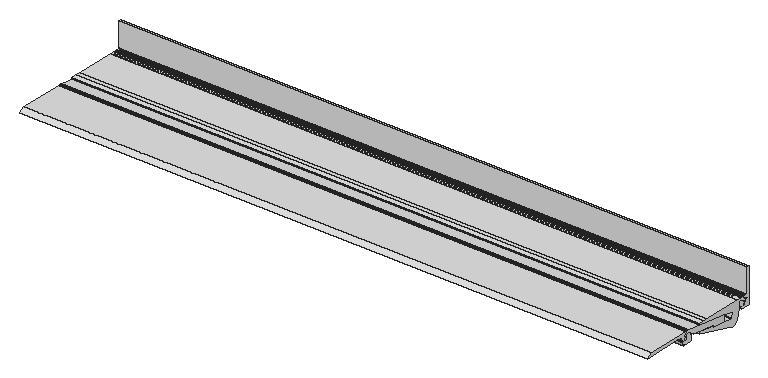
Revit family "Construction-Floors-Conecto-Aluminium Joints ALU AL.130.21", category Specialty Equipment, Revit 2015 (continued)
Definition of nested family "Standard"
  Forms (mm)
    Extrusion 30, solid, material <- "Material", visible <- "30"
      sketch origin (0, -265.421, -730.469) x (0, -1, 0) y (0, 0, -1)
        loop
          line (-323.363, -660.485) -> (-323.363, -659.059) -> (-325.327, -657.095) -> (-325.659, -658.006) -> (-326.712, -658.497) -> (-327.818, -657.859) -> (-328.303, -656.819) -> (-328.238, -655.889) -> (-327.615, -655.266) -> (-326.207, -655.266) -> (-326.305, -654.468) -> (-326.488, -653.531) -> (-326.595, -652.511) -> (-326.323, -650.323) -> (-325.732, -648.737) -> (-325.142, -648.207) -> (-321.736, -648.207) -> (-321.145, -648.739) -> (-321.145, -649.621) -> (-321.612, -650.265) -> (-322.168, -651.228) -> (-322.301, -652.062) -> (-322.369, -652.847) -> (-322.18, -653.737) -> (-321.594, -654.839) -> (-321.054, -655.46) -> (-320.32, -655.955) -> (-319.589, -656.265) -> (-318.782, -656.422) -> (-317.949, -656.451) -> (-317.169, -656.286) -> (-316.437, -656.005) -> (-315.523, -655.364) -> (-314.804, -654.214) -> (-314.404, -653.116) -> (-314.404, -645.504) -> (-314.404, -630.498) -> (-386.11, -630.498) -> (-387.647, -630.66) -> (-388.396, -631.009) -> (-388.396, -633.484) -> (-386.616, -634.512) -> (-384.762, -635.114) -> (-330.156, -635.114) -> (-326.885, -636.64) -> (-326.081, -636.64) -> (-325.456, -636.168) -> (-324.548, -635.706) -> (-323.315, -635.554) -> (-322.134, -635.699) -> (-321.004, -636.275) -> (-320.065, -637.215) -> (-319.349, -638.821) -> (-319.349, -640.438) -> (-319.805, -641.512) -> (-320.459, -642.446) -> (-321.385, -643.144) -> (-323.471, -643.587) -> (-325.99, -642.518) -> (-327.144, -642.375) -> (-330.587, -650.485) -> (-330.587, -660.485) -> (-323.363, -660.485)
      from 0 to 1000
  Dimensions and locks
    "Length": plane 3 "Center (Left/Right)" to plane 4
    equal spacing: plane 6, plane 1 "Center (Front/Back)", plane 5
    "Space": plane 6 to plane 5
    aligned and locked: level to plane 2
    aligned and locked: Extrusion 27 to plane 4
    aligned and locked: Extrusion 28 to plane 4
    aligned and locked: Extrusion 29 to plane 4
    aligned and locked: Extrusion 30 to plane 4
    aligned and locked: Extrusion 26 to plane 4
    aligned and locked: Extrusion 25 to plane 4
    aligned and locked: Extrusion 24 to plane 4
    aligned and locked: Extrusion 23 to plane 4
    aligned and locked: Extrusion 22 to plane 4
    aligned and locked: Extrusion 21 to plane 4
    aligned and locked: Extrusion 17 to plane 4
    aligned and locked: Extrusion 18 to plane 4
    aligned and locked: Extrusion 19 to plane 4
    aligned and locked: Extrusion 20 to plane 4
    aligned and locked: Extrusion 16 to plane 4
    aligned and locked: Extrusion 15 to plane 4
    aligned and locked: Extrusion 14 to plane 4
    aligned and locked: Extrusion 13 to plane 4
    aligned and locked: Extrusion 12 to plane 4
    aligned and locked: Extrusion 11 to plane 4
    aligned and locked: Extrusion 10 to plane 4
    aligned and locked: Extrusion 9 to plane 4
    aligned and locked: Extrusion 8 to plane 4
    aligned and locked: Extrusion 7 to plane 4
    aligned and locked: Extrusion 6 to plane 4
    aligned and locked: Extrusion 5 to plane 4
    aligned and locked: Extrusion 4 to plane 4
    aligned and locked: Extrusion 3 to plane 4
    aligned and locked: Extrusion 2 to plane 4
    aligned and locked: Extrusion 1 to plane 4
  Automatic sketch dimensions
    Extrusion 1 sketch curve to plane 6 = 0.018 mm
    Extrusion 1 sketch curve to plane 6 = 0.079 mm
    Extrusion 1 sketch curve to plane 6 = 0.145 mm
    Extrusion 1 sketch curve to plane 6 = 0.316 mm
    Extrusion 1 sketch curve to plane 6 = 0.483 mm
    Extrusion 1 sketch curve to plane 6 = 0.781 mm
    Extrusion 1 sketch curve to Extrusion 1 sketch curve = 0.503 mm
    Extrusion 1 sketch curve to Extrusion 1 sketch curve = 0.54 mm
    Extrusion 1 sketch curve to Extrusion 1 sketch curve = 0.665 mm  (x2)
    Extrusion 1 sketch curve to Extrusion 1 sketch curve = 0.708 mm
    Extrusion 1 sketch curve to Extrusion 1 sketch curve = 0.781 mm
    Extrusion 1 sketch curve to Extrusion 1 sketch curve = 0.844 mm
    Extrusion 1 sketch curve to Extrusion 1 sketch curve = 0.841 mm
    Extrusion 1 sketch curve to plane 6 = 5.776 mm
    Extrusion 1 sketch curve to Extrusion 1 sketch curve = 0.732 mm
    Extrusion 1 sketch curve to Extrusion 1 sketch curve = 0.654 mm
    Extrusion 1 sketch curve to Extrusion 1 sketch curve = 0.943 mm
    Extrusion 1 sketch curve to Extrusion 1 sketch curve = 0.22 mm
    Extrusion 1 sketch curve to Extrusion 1 sketch curve = 0.571 mm  (x2)
    Extrusion 1 sketch curve to Extrusion 1 sketch curve = 0.486 mm
    Extrusion 1 sketch curve to Extrusion 1 sketch curve = 0.771 mm
    Extrusion 1 sketch curve to Extrusion 1 sketch curve = 0.457 mm
    Extrusion 1 sketch curve to Extrusion 1 sketch curve = 0.352 mm
    Extrusion 1 sketch curve to Extrusion 1 sketch curve = 0.338 mm
    Extrusion 1 sketch curve to Extrusion 1 sketch curve = 0.188 mm
    Extrusion 1 sketch curve to Extrusion 1 sketch curve = 2.478 mm
    Extrusion 1 sketch curve to Extrusion 1 sketch curve = 0.077 mm
    Extrusion 1 sketch curve to Extrusion 1 sketch curve = 0.814 mm  (x2)
    Extrusion 1 sketch curve to Extrusion 1 sketch curve = 3.227 mm
    Extrusion 1 sketch curve to Extrusion 1 sketch curve = 1.773 mm
    Extrusion 1 sketch curve to Extrusion 1 sketch curve = 0.527 mm
    Extrusion 1 sketch curve to Extrusion 1 sketch curve = 0.616 mm
    Extrusion 1 sketch curve to Extrusion 1 sketch curve = 0.46 mm
    Extrusion 1 sketch curve to Extrusion 1 sketch curve = 1.069 mm
    Extrusion 1 sketch curve to Extrusion 1 sketch curve = 0.239 mm
    Extrusion 1 sketch curve to Extrusion 1 sketch curve = 0.299 mm
    Extrusion 1 sketch curve to Extrusion 1 sketch curve = 0.14 mm
    Extrusion 1 sketch curve to Extrusion 1 sketch curve = 0.051 mm
    Extrusion 1 sketch curve to Extrusion 1 sketch curve = 0.96 mm
    Extrusion 1 sketch curve to Extrusion 1 sketch curve = 0.932 mm
    Extrusion 1 sketch curve to Extrusion 1 sketch curve = 0.703 mm
    Extrusion 1 sketch curve to Extrusion 1 sketch curve = 0.807 mm
    Extrusion 1 sketch curve to Extrusion 1 sketch curve = 0.86 mm
    Extrusion 1 sketch curve to Extrusion 1 sketch curve = 0.342 mm
    Extrusion 1 sketch curve to plane 6 = 14.701 mm
    Extrusion 1 sketch curve to Extrusion 1 sketch curve = 6.486 mm
    Extrusion 1 sketch curve to Extrusion 1 sketch curve = 0.821 mm
    Extrusion 1 sketch curve to Extrusion 1 sketch curve = 0.721 mm
    Extrusion 1 sketch curve to Extrusion 1 sketch curve = 0.719 mm
    Extrusion 1 sketch curve to Extrusion 1 sketch curve = 0.829 mm
    Extrusion 1 sketch curve to Extrusion 1 sketch curve = 0.796 mm  (x2)
    Extrusion 1 sketch curve to Extrusion 1 sketch curve = 0.905 mm
    Extrusion 1 sketch curve to Extrusion 1 sketch curve = 0.964 mm
    Extrusion 1 sketch curve to Extrusion 1 sketch curve = 1.013 mm
    Extrusion 1 sketch curve to Extrusion 1 sketch curve = 0.867 mm
    Extrusion 1 sketch curve to Extrusion 1 sketch curve = 1.08 mm
    Extrusion 1 sketch curve to Extrusion 1 sketch curve = 0.826 mm
    Extrusion 1 sketch curve to Extrusion 1 sketch curve = 1.041 mm
    Extrusion 1 sketch curve to Extrusion 1 sketch curve = 0.869 mm
    Extrusion 1 sketch curve to Extrusion 1 sketch curve = 0.805 mm
    Extrusion 1 sketch curve to Extrusion 1 sketch curve = 0.791 mm
    Extrusion 1 sketch curve to Extrusion 1 sketch curve = 0.661 mm
    Extrusion 1 sketch curve to Extrusion 1 sketch curve = 0.6 mm
    Extrusion 1 sketch curve to Extrusion 1 sketch curve = 0.376 mm
    Extrusion 1 sketch curve to Extrusion 1 sketch curve = 0.465 mm
    Extrusion 1 sketch curve to Extrusion 1 sketch curve = 0.458 mm
    Extrusion 1 sketch curve to Extrusion 1 sketch curve = 0.345 mm
    Extrusion 1 sketch curve to Extrusion 1 sketch curve = 0.296 mm  (x2)
    Extrusion 1 sketch curve to Extrusion 1 sketch curve = 0.89 mm
    Extrusion 1 sketch curve to Extrusion 1 sketch curve = 0.179 mm
    Extrusion 1 sketch curve to Extrusion 1 sketch curve = 1.918 mm
    Extrusion 1 sketch curve to Extrusion 1 sketch curve = 1.017 mm
    Extrusion 1 sketch curve to Extrusion 1 sketch curve = 0.726 mm
    Extrusion 1 sketch curve to Extrusion 1 sketch curve = 0.9 mm
    Extrusion 1 sketch curve to Extrusion 1 sketch curve = 0.52 mm
    Extrusion 1 sketch curve to Extrusion 1 sketch curve = 1.176 mm
    Extrusion 1 sketch curve to Extrusion 1 sketch curve = 1.103 mm
    Extrusion 1 sketch curve to Extrusion 1 sketch curve = 0.335 mm
    Extrusion 1 sketch curve to Extrusion 1 sketch curve = 38.619 mm
    Extrusion 2 sketch curve to plane 6 = 0.015 mm
    Extrusion 2 sketch curve to plane 6 = 0.076 mm
    Extrusion 2 sketch curve to plane 6 = 0.142 mm
    Extrusion 2 sketch curve to plane 6 = 0.312 mm
    Extrusion 2 sketch curve to plane 6 = 0.48 mm
    Extrusion 2 sketch curve to plane 6 = 0.777 mm
    Extrusion 2 sketch curve to Extrusion 2 sketch curve = 0.503 mm
    Extrusion 2 sketch curve to Extrusion 2 sketch curve = 0.54 mm
    Extrusion 2 sketch curve to Extrusion 2 sketch curve = 0.665 mm  (x2)
    Extrusion 2 sketch curve to Extrusion 2 sketch curve = 0.708 mm
    Extrusion 2 sketch curve to Extrusion 2 sketch curve = 0.781 mm
    Extrusion 2 sketch curve to Extrusion 2 sketch curve = 0.844 mm
    Extrusion 2 sketch curve to Extrusion 2 sketch curve = 0.841 mm
    Extrusion 2 sketch curve to plane 6 = 5.772 mm
    Extrusion 2 sketch curve to Extrusion 2 sketch curve = 0.732 mm
    Extrusion 2 sketch curve to Extrusion 2 sketch curve = 0.654 mm
    Extrusion 2 sketch curve to Extrusion 2 sketch curve = 0.943 mm
    Extrusion 2 sketch curve to Extrusion 2 sketch curve = 0.22 mm
    Extrusion 2 sketch curve to Extrusion 2 sketch curve = 0.571 mm  (x2)
    Extrusion 2 sketch curve to Extrusion 2 sketch curve = 0.486 mm
    Extrusion 2 sketch curve to Extrusion 2 sketch curve = 0.771 mm
    Extrusion 2 sketch curve to Extrusion 2 sketch curve = 0.457 mm
    Extrusion 2 sketch curve to Extrusion 2 sketch curve = 0.352 mm
    Extrusion 2 sketch curve to Extrusion 2 sketch curve = 0.338 mm
    Extrusion 2 sketch curve to Extrusion 2 sketch curve = 0.188 mm
    Extrusion 2 sketch curve to Extrusion 2 sketch curve = 2.478 mm
    Extrusion 2 sketch curve to Extrusion 2 sketch curve = 0.077 mm
    Extrusion 2 sketch curve to Extrusion 2 sketch curve = 0.814 mm  (x2)
    Extrusion 2 sketch curve to Extrusion 2 sketch curve = 3.227 mm
    Extrusion 2 sketch curve to Extrusion 2 sketch curve = 1.773 mm
    Extrusion 2 sketch curve to Extrusion 2 sketch curve = 0.527 mm
    Extrusion 2 sketch curve to Extrusion 2 sketch curve = 0.616 mm
    Extrusion 2 sketch curve to Extrusion 2 sketch curve = 0.46 mm
    Extrusion 2 sketch curve to Extrusion 2 sketch curve = 1.069 mm
    Extrusion 2 sketch curve to Extrusion 2 sketch curve = 0.239 mm
    Extrusion 2 sketch curve to Extrusion 2 sketch curve = 0.299 mm
    Extrusion 2 sketch curve to Extrusion 2 sketch curve = 0.14 mm
    Extrusion 2 sketch curve to Extrusion 2 sketch curve = 0.051 mm
    Extrusion 2 sketch curve to Extrusion 2 sketch curve = 0.96 mm
    Extrusion 2 sketch curve to Extrusion 2 sketch curve = 0.932 mm
    Extrusion 2 sketch curve to Extrusion 2 sketch curve = 0.703 mm
    Extrusion 2 sketch curve to Extrusion 2 sketch curve = 0.807 mm
    Extrusion 2 sketch curve to Extrusion 2 sketch curve = 0.86 mm
    Extrusion 2 sketch curve to Extrusion 2 sketch curve = 0.342 mm
    Extrusion 2 sketch curve to plane 6 = 14.698 mm
    Extrusion 2 sketch curve to Extrusion 2 sketch curve = 6.486 mm
    Extrusion 2 sketch curve to Extrusion 2 sketch curve = 0.821 mm
    Extrusion 2 sketch curve to Extrusion 2 sketch curve = 0.721 mm
    Extrusion 2 sketch curve to Extrusion 2 sketch curve = 0.719 mm
    Extrusion 2 sketch curve to Extrusion 2 sketch curve = 0.829 mm
    Extrusion 2 sketch curve to Extrusion 2 sketch curve = 0.796 mm  (x2)
    Extrusion 2 sketch curve to Extrusion 2 sketch curve = 0.905 mm
    Extrusion 2 sketch curve to Extrusion 2 sketch curve = 0.964 mm
    Extrusion 2 sketch curve to Extrusion 2 sketch curve = 1.013 mm
    Extrusion 2 sketch curve to Extrusion 2 sketch curve = 0.867 mm
    Extrusion 2 sketch curve to Extrusion 2 sketch curve = 1.08 mm
    Extrusion 2 sketch curve to Extrusion 2 sketch curve = 0.826 mm
    Extrusion 2 sketch curve to Extrusion 2 sketch curve = 1.041 mm
    Extrusion 2 sketch curve to Extrusion 2 sketch curve = 0.869 mm
    Extrusion 2 sketch curve to Extrusion 2 sketch curve = 0.805 mm
    Extrusion 2 sketch curve to Extrusion 2 sketch curve = 0.791 mm
    Extrusion 2 sketch curve to Extrusion 2 sketch curve = 0.661 mm
    Extrusion 2 sketch curve to Extrusion 2 sketch curve = 0.6 mm
    Extrusion 2 sketch curve to Extrusion 2 sketch curve = 0.376 mm
    Extrusion 2 sketch curve to Extrusion 2 sketch curve = 0.465 mm
    Extrusion 2 sketch curve to Extrusion 2 sketch curve = 0.458 mm
    Extrusion 2 sketch curve to Extrusion 2 sketch curve = 0.345 mm
    Extrusion 2 sketch curve to Extrusion 2 sketch curve = 0.296 mm  (x2)
    Extrusion 2 sketch curve to Extrusion 2 sketch curve = 0.89 mm
    Extrusion 2 sketch curve to Extrusion 2 sketch curve = 0.179 mm
    Extrusion 2 sketch curve to Extrusion 2 sketch curve = 1.918 mm
    Extrusion 2 sketch curve to Extrusion 2 sketch curve = 1.017 mm
    Extrusion 2 sketch curve to Extrusion 2 sketch curve = 0.726 mm
    Extrusion 2 sketch curve to Extrusion 2 sketch curve = 0.9 mm
    Extrusion 2 sketch curve to Extrusion 2 sketch curve = 0.52 mm
    Extrusion 2 sketch curve to Extrusion 2 sketch curve = 1.176 mm
    Extrusion 2 sketch curve to Extrusion 2 sketch curve = 1.103 mm
    Extrusion 2 sketch curve to Extrusion 2 sketch curve = 0.335 mm
    Extrusion 2 sketch curve to Extrusion 2 sketch curve = 38.619 mm
    Extrusion 3 sketch curve to plane 6 = 0.016 mm
    Extrusion 3 sketch curve to plane 6 = 0.077 mm
    Extrusion 3 sketch curve to plane 6 = 0.144 mm
    Extrusion 3 sketch curve to plane 6 = 0.314 mm
    Extrusion 3 sketch curve to plane 6 = 0.481 mm
    Extrusion 3 sketch curve to plane 6 = 0.779 mm
    Extrusion 3 sketch curve to Extrusion 3 sketch curve = 0.503 mm
    Extrusion 3 sketch curve to Extrusion 3 sketch curve = 0.54 mm
    Extrusion 3 sketch curve to Extrusion 3 sketch curve = 0.665 mm  (x2)
    Extrusion 3 sketch curve to Extrusion 3 sketch curve = 0.708 mm
    Extrusion 3 sketch curve to Extrusion 3 sketch curve = 0.781 mm
    Extrusion 3 sketch curve to Extrusion 3 sketch curve = 0.844 mm
    Extrusion 3 sketch curve to Extrusion 3 sketch curve = 0.841 mm
    Extrusion 3 sketch curve to plane 6 = 5.774 mm
    Extrusion 3 sketch curve to Extrusion 3 sketch curve = 0.732 mm
    Extrusion 3 sketch curve to Extrusion 3 sketch curve = 0.654 mm
    Extrusion 3 sketch curve to Extrusion 3 sketch curve = 0.943 mm
    Extrusion 3 sketch curve to Extrusion 3 sketch curve = 0.22 mm
    Extrusion 3 sketch curve to Extrusion 3 sketch curve = 0.571 mm  (x2)
    Extrusion 3 sketch curve to Extrusion 3 sketch curve = 0.486 mm
    Extrusion 3 sketch curve to Extrusion 3 sketch curve = 0.771 mm
    Extrusion 3 sketch curve to Extrusion 3 sketch curve = 0.457 mm
    Extrusion 3 sketch curve to Extrusion 3 sketch curve = 0.352 mm
    Extrusion 3 sketch curve to Extrusion 3 sketch curve = 0.338 mm
    Extrusion 3 sketch curve to Extrusion 3 sketch curve = 0.188 mm
    Extrusion 3 sketch curve to Extrusion 3 sketch curve = 2.478 mm
    Extrusion 3 sketch curve to Extrusion 3 sketch curve = 0.077 mm
    Extrusion 3 sketch curve to Extrusion 3 sketch curve = 0.814 mm  (x2)
    Extrusion 3 sketch curve to Extrusion 3 sketch curve = 3.227 mm
    Extrusion 3 sketch curve to Extrusion 3 sketch curve = 1.773 mm
    Extrusion 3 sketch curve to Extrusion 3 sketch curve = 0.527 mm
    Extrusion 3 sketch curve to Extrusion 3 sketch curve = 0.616 mm
    Extrusion 3 sketch curve to Extrusion 3 sketch curve = 0.46 mm
    Extrusion 3 sketch curve to Extrusion 3 sketch curve = 1.069 mm
    Extrusion 3 sketch curve to Extrusion 3 sketch curve = 0.239 mm
    Extrusion 3 sketch curve to Extrusion 3 sketch curve = 0.299 mm
    Extrusion 3 sketch curve to Extrusion 3 sketch curve = 0.14 mm
    Extrusion 3 sketch curve to Extrusion 3 sketch curve = 0.051 mm
    Extrusion 3 sketch curve to Extrusion 3 sketch curve = 0.96 mm
    Extrusion 3 sketch curve to Extrusion 3 sketch curve = 0.932 mm
    Extrusion 3 sketch curve to Extrusion 3 sketch curve = 0.703 mm
    Extrusion 3 sketch curve to Extrusion 3 sketch curve = 0.807 mm
    Extrusion 3 sketch curve to Extrusion 3 sketch curve = 0.86 mm
    Extrusion 3 sketch curve to Extrusion 3 sketch curve = 0.342 mm
    Extrusion 3 sketch curve to plane 6 = 14.699 mm
    Extrusion 3 sketch curve to Extrusion 3 sketch curve = 6.486 mm
    Extrusion 3 sketch curve to Extrusion 3 sketch curve = 0.821 mm
    Extrusion 3 sketch curve to Extrusion 3 sketch curve = 0.721 mm
    Extrusion 3 sketch curve to Extrusion 3 sketch curve = 0.719 mm
    Extrusion 3 sketch curve to Extrusion 3 sketch curve = 0.829 mm
    Extrusion 3 sketch curve to Extrusion 3 sketch curve = 0.796 mm  (x2)
    Extrusion 3 sketch curve to Extrusion 3 sketch curve = 0.905 mm
    Extrusion 3 sketch curve to Extrusion 3 sketch curve = 0.964 mm
    Extrusion 3 sketch curve to Extrusion 3 sketch curve = 1.013 mm
    Extrusion 3 sketch curve to Extrusion 3 sketch curve = 0.867 mm
    Extrusion 3 sketch curve to Extrusion 3 sketch curve = 1.08 mm
    Extrusion 3 sketch curve to Extrusion 3 sketch curve = 0.826 mm
    Extrusion 3 sketch curve to Extrusion 3 sketch curve = 1.041 mm
    Extrusion 3 sketch curve to Extrusion 3 sketch curve = 0.869 mm
    Extrusion 3 sketch curve to Extrusion 3 sketch curve = 0.805 mm
    Extrusion 3 sketch curve to Extrusion 3 sketch curve = 0.791 mm
    Extrusion 3 sketch curve to Extrusion 3 sketch curve = 0.661 mm
    Extrusion 3 sketch curve to Extrusion 3 sketch curve = 0.6 mm
    Extrusion 3 sketch curve to Extrusion 3 sketch curve = 0.376 mm
    Extrusion 3 sketch curve to Extrusion 3 sketch curve = 0.465 mm
    Extrusion 3 sketch curve to Extrusion 3 sketch curve = 0.458 mm
    Extrusion 3 sketch curve to Extrusion 3 sketch curve = 0.345 mm
    Extrusion 3 sketch curve to Extrusion 3 sketch curve = 0.296 mm  (x2)
    Extrusion 3 sketch curve to Extrusion 3 sketch curve = 0.89 mm
    Extrusion 3 sketch curve to Extrusion 3 sketch curve = 0.179 mm
    Extrusion 3 sketch curve to Extrusion 3 sketch curve = 1.918 mm
    Extrusion 3 sketch curve to Extrusion 3 sketch curve = 1.017 mm
    Extrusion 3 sketch curve to Extrusion 3 sketch curve = 0.726 mm
    Extrusion 3 sketch curve to Extrusion 3 sketch curve = 0.9 mm
    Extrusion 3 sketch curve to Extrusion 3 sketch curve = 0.52 mm
    Extrusion 3 sketch curve to Extrusion 3 sketch curve = 1.176 mm
    Extrusion 3 sketch curve to Extrusion 3 sketch curve = 1.103 mm
    Extrusion 3 sketch curve to Extrusion 3 sketch curve = 0.335 mm
    Extrusion 3 sketch curve to Extrusion 3 sketch curve = 38.619 mm
    Extrusion 4 sketch curve to plane 6 = 0.017 mm
    Extrusion 4 sketch curve to plane 6 = 0.078 mm
    Extrusion 4 sketch curve to plane 6 = 0.144 mm
    Extrusion 4 sketch curve to plane 6 = 0.315 mm
    Extrusion 4 sketch curve to plane 6 = 0.482 mm
    Extrusion 4 sketch curve to plane 6 = 0.78 mm
    Extrusion 4 sketch curve to Extrusion 4 sketch curve = 0.503 mm
    Extrusion 4 sketch curve to Extrusion 4 sketch curve = 0.54 mm
    Extrusion 4 sketch curve to Extrusion 4 sketch curve = 0.665 mm  (x2)
    Extrusion 4 sketch curve to Extrusion 4 sketch curve = 0.708 mm
    Extrusion 4 sketch curve to Extrusion 4 sketch curve = 0.781 mm
    Extrusion 4 sketch curve to Extrusion 4 sketch curve = 0.844 mm
    Extrusion 4 sketch curve to Extrusion 4 sketch curve = 0.841 mm
    Extrusion 4 sketch curve to plane 6 = 5.775 mm
    Extrusion 4 sketch curve to Extrusion 4 sketch curve = 0.732 mm
    Extrusion 4 sketch curve to Extrusion 4 sketch curve = 0.654 mm
    Extrusion 4 sketch curve to Extrusion 4 sketch curve = 0.943 mm
    Extrusion 4 sketch curve to Extrusion 4 sketch curve = 0.22 mm
    Extrusion 4 sketch curve to Extrusion 4 sketch curve = 0.571 mm  (x2)
    Extrusion 4 sketch curve to Extrusion 4 sketch curve = 0.486 mm
    Extrusion 4 sketch curve to Extrusion 4 sketch curve = 0.771 mm
    Extrusion 4 sketch curve to Extrusion 4 sketch curve = 0.457 mm
    Extrusion 4 sketch curve to Extrusion 4 sketch curve = 0.352 mm
    Extrusion 4 sketch curve to Extrusion 4 sketch curve = 0.338 mm
    Extrusion 4 sketch curve to Extrusion 4 sketch curve = 0.188 mm
    Extrusion 4 sketch curve to Extrusion 4 sketch curve = 2.478 mm
    Extrusion 4 sketch curve to Extrusion 4 sketch curve = 0.077 mm
    Extrusion 4 sketch curve to Extrusion 4 sketch curve = 0.814 mm  (x2)
    Extrusion 4 sketch curve to Extrusion 4 sketch curve = 3.227 mm
    Extrusion 4 sketch curve to Extrusion 4 sketch curve = 1.773 mm
    Extrusion 4 sketch curve to Extrusion 4 sketch curve = 0.527 mm
    Extrusion 4 sketch curve to Extrusion 4 sketch curve = 0.616 mm
    Extrusion 4 sketch curve to Extrusion 4 sketch curve = 0.46 mm
    Extrusion 4 sketch curve to Extrusion 4 sketch curve = 1.069 mm
    Extrusion 4 sketch curve to Extrusion 4 sketch curve = 0.239 mm
    Extrusion 4 sketch curve to Extrusion 4 sketch curve = 0.299 mm
    Extrusion 4 sketch curve to Extrusion 4 sketch curve = 0.14 mm
    Extrusion 4 sketch curve to Extrusion 4 sketch curve = 0.051 mm
    Extrusion 4 sketch curve to Extrusion 4 sketch curve = 0.96 mm
    Extrusion 4 sketch curve to Extrusion 4 sketch curve = 0.932 mm
    Extrusion 4 sketch curve to Extrusion 4 sketch curve = 0.703 mm
    Extrusion 4 sketch curve to Extrusion 4 sketch curve = 0.807 mm
    Extrusion 4 sketch curve to Extrusion 4 sketch curve = 0.86 mm
    Extrusion 4 sketch curve to Extrusion 4 sketch curve = 0.342 mm
    Extrusion 4 sketch curve to plane 6 = 14.7 mm
    Extrusion 4 sketch curve to Extrusion 4 sketch curve = 6.486 mm
    Extrusion 4 sketch curve to Extrusion 4 sketch curve = 0.821 mm
    Extrusion 4 sketch curve to Extrusion 4 sketch curve = 0.721 mm
    Extrusion 4 sketch curve to Extrusion 4 sketch curve = 0.719 mm
    Extrusion 4 sketch curve to Extrusion 4 sketch curve = 0.829 mm
    Extrusion 4 sketch curve to Extrusion 4 sketch curve = 0.796 mm  (x2)
    Extrusion 4 sketch curve to Extrusion 4 sketch curve = 0.905 mm
    Extrusion 4 sketch curve to Extrusion 4 sketch curve = 0.964 mm
    Extrusion 4 sketch curve to Extrusion 4 sketch curve = 1.013 mm
    Extrusion 4 sketch curve to Extrusion 4 sketch curve = 0.867 mm
    Extrusion 4 sketch curve to Extrusion 4 sketch curve = 1.08 mm
    Extrusion 4 sketch curve to Extrusion 4 sketch curve = 0.826 mm
    Extrusion 4 sketch curve to Extrusion 4 sketch curve = 1.041 mm
    Extrusion 4 sketch curve to Extrusion 4 sketch curve = 0.869 mm
    Extrusion 4 sketch curve to Extrusion 4 sketch curve = 0.805 mm
    Extrusion 4 sketch curve to Extrusion 4 sketch curve = 0.791 mm
    Extrusion 4 sketch curve to Extrusion 4 sketch curve = 0.661 mm
    Extrusion 4 sketch curve to Extrusion 4 sketch curve = 0.6 mm
    Extrusion 4 sketch curve to Extrusion 4 sketch curve = 0.376 mm
    Extrusion 4 sketch curve to Extrusion 4 sketch curve = 0.465 mm
    Extrusion 4 sketch curve to Extrusion 4 sketch curve = 0.458 mm
    Extrusion 4 sketch curve to Extrusion 4 sketch curve = 0.345 mm
    Extrusion 4 sketch curve to Extrusion 4 sketch curve = 0.296 mm  (x2)
    Extrusion 4 sketch curve to Extrusion 4 sketch curve = 0.89 mm
    Extrusion 4 sketch curve to Extrusion 4 sketch curve = 0.179 mm
    Extrusion 4 sketch curve to Extrusion 4 sketch curve = 1.918 mm
    Extrusion 4 sketch curve to Extrusion 4 sketch curve = 1.017 mm
    Extrusion 4 sketch curve to Extrusion 4 sketch curve = 0.726 mm
    Extrusion 4 sketch curve to Extrusion 4 sketch curve = 0.9 mm
    Extrusion 4 sketch curve to Extrusion 4 sketch curve = 0.52 mm
    Extrusion 4 sketch curve to Extrusion 4 sketch curve = 1.176 mm
    Extrusion 4 sketch curve to Extrusion 4 sketch curve = 1.103 mm
    Extrusion 4 sketch curve to Extrusion 4 sketch curve = 0.335 mm
    Extrusion 4 sketch curve to Extrusion 4 sketch curve = 38.619 mm
    Extrusion 5 sketch curve to plane 6 = 0.018 mm
    Extrusion 5 sketch curve to plane 6 = 0.079 mm
    Extrusion 5 sketch curve to plane 6 = 0.145 mm
    Extrusion 5 sketch curve to plane 6 = 0.316 mm
    Extrusion 5 sketch curve to plane 6 = 0.483 mm
    Extrusion 5 sketch curve to plane 6 = 0.781 mm
    Extrusion 5 sketch curve to Extrusion 5 sketch curve = 0.503 mm
    Extrusion 5 sketch curve to Extrusion 5 sketch curve = 0.54 mm
    Extrusion 5 sketch curve to Extrusion 5 sketch curve = 0.665 mm  (x2)
    Extrusion 5 sketch curve to Extrusion 5 sketch curve = 0.708 mm
    Extrusion 5 sketch curve to Extrusion 5 sketch curve = 0.781 mm
    Extrusion 5 sketch curve to Extrusion 5 sketch curve = 0.844 mm
    Extrusion 5 sketch curve to Extrusion 5 sketch curve = 0.841 mm
    Extrusion 5 sketch curve to plane 6 = 5.776 mm
    Extrusion 5 sketch curve to Extrusion 5 sketch curve = 0.732 mm
    Extrusion 5 sketch curve to Extrusion 5 sketch curve = 0.654 mm
    Extrusion 5 sketch curve to Extrusion 5 sketch curve = 0.943 mm
    Extrusion 5 sketch curve to Extrusion 5 sketch curve = 0.22 mm
    Extrusion 5 sketch curve to Extrusion 5 sketch curve = 0.571 mm  (x2)
    Extrusion 5 sketch curve to Extrusion 5 sketch curve = 0.486 mm
    Extrusion 5 sketch curve to Extrusion 5 sketch curve = 0.771 mm
    Extrusion 5 sketch curve to Extrusion 5 sketch curve = 0.457 mm
    Extrusion 5 sketch curve to Extrusion 5 sketch curve = 0.352 mm
    Extrusion 5 sketch curve to Extrusion 5 sketch curve = 0.338 mm
    Extrusion 5 sketch curve to Extrusion 5 sketch curve = 0.188 mm
    Extrusion 5 sketch curve to Extrusion 5 sketch curve = 2.478 mm
    Extrusion 5 sketch curve to Extrusion 5 sketch curve = 0.077 mm
    Extrusion 5 sketch curve to Extrusion 5 sketch curve = 0.814 mm  (x2)
    Extrusion 5 sketch curve to Extrusion 5 sketch curve = 3.227 mm
    Extrusion 5 sketch curve to Extrusion 5 sketch curve = 1.773 mm
    Extrusion 5 sketch curve to Extrusion 5 sketch curve = 0.527 mm
    Extrusion 5 sketch curve to Extrusion 5 sketch curve = 0.616 mm
    Extrusion 5 sketch curve to Extrusion 5 sketch curve = 0.46 mm
    Extrusion 5 sketch curve to Extrusion 5 sketch curve = 1.069 mm
    Extrusion 5 sketch curve to Extrusion 5 sketch curve = 0.239 mm
    Extrusion 5 sketch curve to Extrusion 5 sketch curve = 0.299 mm
    Extrusion 5 sketch curve to Extrusion 5 sketch curve = 0.14 mm
    Extrusion 5 sketch curve to Extrusion 5 sketch curve = 0.051 mm
    Extrusion 5 sketch curve to Extrusion 5 sketch curve = 0.96 mm
    Extrusion 5 sketch curve to Extrusion 5 sketch curve = 0.932 mm
    Extrusion 5 sketch curve to Extrusion 5 sketch curve = 0.703 mm
    Extrusion 5 sketch curve to Extrusion 5 sketch curve = 0.807 mm
    Extrusion 5 sketch curve to Extrusion 5 sketch curve = 0.86 mm
    Extrusion 5 sketch curve to Extrusion 5 sketch curve = 0.342 mm
    Extrusion 5 sketch curve to plane 6 = 14.701 mm
    Extrusion 5 sketch curve to Extrusion 5 sketch curve = 6.486 mm
    Extrusion 5 sketch curve to Extrusion 5 sketch curve = 0.821 mm
    Extrusion 5 sketch curve to Extrusion 5 sketch curve = 0.721 mm
    Extrusion 5 sketch curve to Extrusion 5 sketch curve = 0.719 mm
    Extrusion 5 sketch curve to Extrusion 5 sketch curve = 0.829 mm
    Extrusion 5 sketch curve to Extrusion 5 sketch curve = 0.796 mm  (x2)
    Extrusion 5 sketch curve to Extrusion 5 sketch curve = 0.905 mm
    Extrusion 5 sketch curve to Extrusion 5 sketch curve = 0.964 mm
    Extrusion 5 sketch curve to Extrusion 5 sketch curve = 1.013 mm
    Extrusion 5 sketch curve to Extrusion 5 sketch curve = 0.867 mm
    Extrusion 5 sketch curve to Extrusion 5 sketch curve = 1.08 mm
    Extrusion 5 sketch curve to Extrusion 5 sketch curve = 0.826 mm
    Extrusion 5 sketch curve to Extrusion 5 sketch curve = 1.041 mm
    Extrusion 5 sketch curve to Extrusion 5 sketch curve = 0.869 mm
    Extrusion 5 sketch curve to Extrusion 5 sketch curve = 0.805 mm
    Extrusion 5 sketch curve to Extrusion 5 sketch curve = 0.791 mm
    Extrusion 5 sketch curve to Extrusion 5 sketch curve = 0.661 mm
    Extrusion 5 sketch curve to Extrusion 5 sketch curve = 0.6 mm
    Extrusion 5 sketch curve to Extrusion 5 sketch curve = 0.376 mm
    Extrusion 5 sketch curve to Extrusion 5 sketch curve = 0.465 mm
    Extrusion 5 sketch curve to Extrusion 5 sketch curve = 0.458 mm
    Extrusion 5 sketch curve to Extrusion 5 sketch curve = 0.345 mm
    Extrusion 5 sketch curve to Extrusion 5 sketch curve = 0.296 mm  (x2)
    Extrusion 5 sketch curve to Extrusion 5 sketch curve = 0.89 mm
    Extrusion 5 sketch curve to Extrusion 5 sketch curve = 0.179 mm
    Extrusion 5 sketch curve to Extrusion 5 sketch curve = 1.918 mm
    Extrusion 5 sketch curve to Extrusion 5 sketch curve = 1.017 mm
    Extrusion 5 sketch curve to Extrusion 5 sketch curve = 0.726 mm
    Extrusion 5 sketch curve to Extrusion 5 sketch curve = 0.9 mm
    Extrusion 5 sketch curve to Extrusion 5 sketch curve = 0.52 mm
    Extrusion 5 sketch curve to Extrusion 5 sketch curve = 1.176 mm
    Extrusion 5 sketch curve to Extrusion 5 sketch curve = 1.103 mm
    Extrusion 5 sketch curve to Extrusion 5 sketch curve = 0.335 mm
    Extrusion 5 sketch curve to Extrusion 5 sketch curve = 38.619 mm
    Extrusion 6 sketch curve to plane 6 = 0.015 mm
    Extrusion 6 sketch curve to plane 6 = 0.076 mm
    Extrusion 6 sketch curve to plane 6 = 0.142 mm
    Extrusion 6 sketch curve to plane 6 = 0.312 mm
    Extrusion 6 sketch curve to plane 6 = 0.48 mm
    Extrusion 6 sketch curve to plane 6 = 0.777 mm
    Extrusion 6 sketch curve to Extrusion 6 sketch curve = 0.503 mm
    Extrusion 6 sketch curve to Extrusion 6 sketch curve = 0.54 mm
    Extrusion 6 sketch curve to Extrusion 6 sketch curve = 0.665 mm  (x2)
    Extrusion 6 sketch curve to Extrusion 6 sketch curve = 0.708 mm
    Extrusion 6 sketch curve to Extrusion 6 sketch curve = 0.781 mm
    Extrusion 6 sketch curve to Extrusion 6 sketch curve = 0.844 mm
    Extrusion 6 sketch curve to Extrusion 6 sketch curve = 0.841 mm
    Extrusion 6 sketch curve to plane 6 = 5.772 mm
    Extrusion 6 sketch curve to Extrusion 6 sketch curve = 0.732 mm
    Extrusion 6 sketch curve to Extrusion 6 sketch curve = 0.654 mm
    Extrusion 6 sketch curve to Extrusion 6 sketch curve = 0.943 mm
    Extrusion 6 sketch curve to Extrusion 6 sketch curve = 0.22 mm
    Extrusion 6 sketch curve to Extrusion 6 sketch curve = 0.571 mm  (x2)
    Extrusion 6 sketch curve to Extrusion 6 sketch curve = 0.486 mm
    Extrusion 6 sketch curve to Extrusion 6 sketch curve = 0.771 mm
    Extrusion 6 sketch curve to Extrusion 6 sketch curve = 0.457 mm
    Extrusion 6 sketch curve to Extrusion 6 sketch curve = 0.352 mm
    Extrusion 6 sketch curve to Extrusion 6 sketch curve = 0.338 mm
    Extrusion 6 sketch curve to Extrusion 6 sketch curve = 0.188 mm
    Extrusion 6 sketch curve to Extrusion 6 sketch curve = 2.478 mm
    Extrusion 6 sketch curve to Extrusion 6 sketch curve = 0.077 mm
    Extrusion 6 sketch curve to Extrusion 6 sketch curve = 0.814 mm  (x2)
    Extrusion 6 sketch curve to Extrusion 6 sketch curve = 3.227 mm
    Extrusion 6 sketch curve to Extrusion 6 sketch curve = 1.773 mm
    Extrusion 6 sketch curve to Extrusion 6 sketch curve = 0.527 mm
    Extrusion 6 sketch curve to Extrusion 6 sketch curve = 0.616 mm
    Extrusion 6 sketch curve to Extrusion 6 sketch curve = 0.46 mm
    Extrusion 6 sketch curve to Extrusion 6 sketch curve = 1.069 mm
    Extrusion 6 sketch curve to Extrusion 6 sketch curve = 0.239 mm
    Extrusion 6 sketch curve to Extrusion 6 sketch curve = 0.299 mm
    Extrusion 6 sketch curve to Extrusion 6 sketch curve = 0.14 mm
    Extrusion 6 sketch curve to Extrusion 6 sketch curve = 0.051 mm
    Extrusion 6 sketch curve to Extrusion 6 sketch curve = 0.96 mm
    Extrusion 6 sketch curve to Extrusion 6 sketch curve = 0.932 mm
    Extrusion 6 sketch curve to Extrusion 6 sketch curve = 0.703 mm
    Extrusion 6 sketch curve to Extrusion 6 sketch curve = 0.807 mm
    Extrusion 6 sketch curve to Extrusion 6 sketch curve = 0.86 mm
    Extrusion 6 sketch curve to Extrusion 6 sketch curve = 0.342 mm
    Extrusion 6 sketch curve to plane 6 = 14.698 mm
    Extrusion 6 sketch curve to Extrusion 6 sketch curve = 6.486 mm
    Extrusion 6 sketch curve to Extrusion 6 sketch curve = 0.821 mm
    Extrusion 6 sketch curve to Extrusion 6 sketch curve = 0.721 mm
    Extrusion 6 sketch curve to Extrusion 6 sketch curve = 0.719 mm
    Extrusion 6 sketch curve to Extrusion 6 sketch curve = 0.829 mm
    Extrusion 6 sketch curve to Extrusion 6 sketch curve = 0.796 mm  (x2)
    Extrusion 6 sketch curve to Extrusion 6 sketch curve = 0.905 mm
    Extrusion 6 sketch curve to Extrusion 6 sketch curve = 0.964 mm
    Extrusion 6 sketch curve to Extrusion 6 sketch curve = 1.013 mm
    Extrusion 6 sketch curve to Extrusion 6 sketch curve = 0.867 mm
    Extrusion 6 sketch curve to Extrusion 6 sketch curve = 1.08 mm
    Extrusion 6 sketch curve to Extrusion 6 sketch curve = 0.826 mm
    Extrusion 6 sketch curve to Extrusion 6 sketch curve = 1.041 mm
    Extrusion 6 sketch curve to Extrusion 6 sketch curve = 0.869 mm
    Extrusion 6 sketch curve to Extrusion 6 sketch curve = 0.805 mm
    Extrusion 6 sketch curve to Extrusion 6 sketch curve = 0.791 mm
    Extrusion 6 sketch curve to Extrusion 6 sketch curve = 0.661 mm
    Extrusion 6 sketch curve to Extrusion 6 sketch curve = 0.6 mm
    Extrusion 6 sketch curve to Extrusion 6 sketch curve = 0.376 mm
    Extrusion 6 sketch curve to Extrusion 6 sketch curve = 0.465 mm
    Extrusion 6 sketch curve to Extrusion 6 sketch curve = 0.458 mm
    Extrusion 6 sketch curve to Extrusion 6 sketch curve = 0.345 mm
    Extrusion 6 sketch curve to Extrusion 6 sketch curve = 0.296 mm  (x2)
    Extrusion 6 sketch curve to Extrusion 6 sketch curve = 0.89 mm
    Extrusion 6 sketch curve to Extrusion 6 sketch curve = 0.179 mm
    Extrusion 6 sketch curve to Extrusion 6 sketch curve = 1.918 mm
    Extrusion 6 sketch curve to Extrusion 6 sketch curve = 1.017 mm
    Extrusion 6 sketch curve to Extrusion 6 sketch curve = 0.726 mm
    Extrusion 6 sketch curve to Extrusion 6 sketch curve = 0.9 mm
    Extrusion 6 sketch curve to Extrusion 6 sketch curve = 0.52 mm
    Extrusion 6 sketch curve to Extrusion 6 sketch curve = 1.176 mm
    Extrusion 6 sketch curve to Extrusion 6 sketch curve = 1.103 mm
    Extrusion 6 sketch curve to Extrusion 6 sketch curve = 0.335 mm
    Extrusion 6 sketch curve to Extrusion 6 sketch curve = 38.619 mm
    Extrusion 7 sketch curve to plane 6 = 0.016 mm
    Extrusion 7 sketch curve to plane 6 = 0.077 mm
    Extrusion 7 sketch curve to plane 6 = 0.144 mm
    Extrusion 7 sketch curve to plane 6 = 0.314 mm
    Extrusion 7 sketch curve to plane 6 = 0.481 mm
    Extrusion 7 sketch curve to plane 6 = 0.779 mm
    Extrusion 7 sketch curve to Extrusion 7 sketch curve = 0.503 mm
    Extrusion 7 sketch curve to Extrusion 7 sketch curve = 0.54 mm
    Extrusion 7 sketch curve to Extrusion 7 sketch curve = 0.665 mm  (x2)
    Extrusion 7 sketch curve to Extrusion 7 sketch curve = 0.708 mm
    Extrusion 7 sketch curve to Extrusion 7 sketch curve = 0.781 mm
    Extrusion 7 sketch curve to Extrusion 7 sketch curve = 0.844 mm
    Extrusion 7 sketch curve to Extrusion 7 sketch curve = 0.841 mm
    Extrusion 7 sketch curve to plane 6 = 5.774 mm
    Extrusion 7 sketch curve to Extrusion 7 sketch curve = 0.732 mm
    Extrusion 7 sketch curve to Extrusion 7 sketch curve = 0.654 mm
    Extrusion 7 sketch curve to Extrusion 7 sketch curve = 0.943 mm
    Extrusion 7 sketch curve to Extrusion 7 sketch curve = 0.22 mm
    Extrusion 7 sketch curve to Extrusion 7 sketch curve = 0.571 mm  (x2)
    Extrusion 7 sketch curve to Extrusion 7 sketch curve = 0.486 mm
    Extrusion 7 sketch curve to Extrusion 7 sketch curve = 0.771 mm
    Extrusion 7 sketch curve to Extrusion 7 sketch curve = 0.457 mm
    Extrusion 7 sketch curve to Extrusion 7 sketch curve = 0.352 mm
    Extrusion 7 sketch curve to Extrusion 7 sketch curve = 0.338 mm
    Extrusion 7 sketch curve to Extrusion 7 sketch curve = 0.188 mm
    Extrusion 7 sketch curve to Extrusion 7 sketch curve = 2.478 mm
    Extrusion 7 sketch curve to Extrusion 7 sketch curve = 0.077 mm
    Extrusion 7 sketch curve to Extrusion 7 sketch curve = 0.814 mm  (x2)
    Extrusion 7 sketch curve to Extrusion 7 sketch curve = 3.227 mm
    Extrusion 7 sketch curve to Extrusion 7 sketch curve = 1.773 mm
    Extrusion 7 sketch curve to Extrusion 7 sketch curve = 0.527 mm
    Extrusion 7 sketch curve to Extrusion 7 sketch curve = 0.616 mm
    Extrusion 7 sketch curve to Extrusion 7 sketch curve = 0.46 mm
    Extrusion 7 sketch curve to Extrusion 7 sketch curve = 1.069 mm
    Extrusion 7 sketch curve to Extrusion 7 sketch curve = 0.239 mm
    Extrusion 7 sketch curve to Extrusion 7 sketch curve = 0.299 mm
    Extrusion 7 sketch curve to Extrusion 7 sketch curve = 0.14 mm
    Extrusion 7 sketch curve to Extrusion 7 sketch curve = 0.051 mm
    Extrusion 7 sketch curve to Extrusion 7 sketch curve = 0.96 mm
    Extrusion 7 sketch curve to Extrusion 7 sketch curve = 0.932 mm
    Extrusion 7 sketch curve to Extrusion 7 sketch curve = 0.703 mm
    Extrusion 7 sketch curve to Extrusion 7 sketch curve = 0.807 mm
    Extrusion 7 sketch curve to Extrusion 7 sketch curve = 0.86 mm
    Extrusion 7 sketch curve to Extrusion 7 sketch curve = 0.342 mm
    Extrusion 7 sketch curve to plane 6 = 14.699 mm
    Extrusion 7 sketch curve to Extrusion 7 sketch curve = 6.486 mm
    Extrusion 7 sketch curve to Extrusion 7 sketch curve = 0.821 mm
    Extrusion 7 sketch curve to Extrusion 7 sketch curve = 0.721 mm
    Extrusion 7 sketch curve to Extrusion 7 sketch curve = 0.719 mm
    Extrusion 7 sketch curve to Extrusion 7 sketch curve = 0.829 mm
    Extrusion 7 sketch curve to Extrusion 7 sketch curve = 0.796 mm  (x2)
    Extrusion 7 sketch curve to Extrusion 7 sketch curve = 0.905 mm
    Extrusion 7 sketch curve to Extrusion 7 sketch curve = 0.964 mm
    Extrusion 7 sketch curve to Extrusion 7 sketch curve = 1.013 mm
    Extrusion 7 sketch curve to Extrusion 7 sketch curve = 0.867 mm
    Extrusion 7 sketch curve to Extrusion 7 sketch curve = 1.08 mm
    Extrusion 7 sketch curve to Extrusion 7 sketch curve = 0.826 mm
    Extrusion 7 sketch curve to Extrusion 7 sketch curve = 1.041 mm
    Extrusion 7 sketch curve to Extrusion 7 sketch curve = 0.869 mm
    Extrusion 7 sketch curve to Extrusion 7 sketch curve = 0.805 mm
    Extrusion 7 sketch curve to Extrusion 7 sketch curve = 0.791 mm
    Extrusion 7 sketch curve to Extrusion 7 sketch curve = 0.661 mm
    Extrusion 7 sketch curve to Extrusion 7 sketch curve = 0.6 mm
    Extrusion 7 sketch curve to Extrusion 7 sketch curve = 0.376 mm
    Extrusion 7 sketch curve to Extrusion 7 sketch curve = 0.465 mm
    Extrusion 7 sketch curve to Extrusion 7 sketch curve = 0.458 mm
    Extrusion 7 sketch curve to Extrusion 7 sketch curve = 0.345 mm
    Extrusion 7 sketch curve to Extrusion 7 sketch curve = 0.296 mm  (x2)
    Extrusion 7 sketch curve to Extrusion 7 sketch curve = 0.89 mm
    Extrusion 7 sketch curve to Extrusion 7 sketch curve = 0.179 mm
    Extrusion 7 sketch curve to Extrusion 7 sketch curve = 1.918 mm
    Extrusion 7 sketch curve to Extrusion 7 sketch curve = 1.017 mm
    Extrusion 7 sketch curve to Extrusion 7 sketch curve = 0.726 mm
    Extrusion 7 sketch curve to Extrusion 7 sketch curve = 0.9 mm
    Extrusion 7 sketch curve to Extrusion 7 sketch curve = 0.52 mm
    Extrusion 7 sketch curve to Extrusion 7 sketch curve = 1.176 mm
    Extrusion 7 sketch curve to Extrusion 7 sketch curve = 1.103 mm
    Extrusion 7 sketch curve to Extrusion 7 sketch curve = 0.335 mm
    Extrusion 7 sketch curve to Extrusion 7 sketch curve = 38.619 mm
    Extrusion 8 sketch curve to plane 6 = 0.017 mm
    Extrusion 8 sketch curve to plane 6 = 0.078 mm
    Extrusion 8 sketch curve to plane 6 = 0.144 mm
    Extrusion 8 sketch curve to plane 6 = 0.315 mm
    Extrusion 8 sketch curve to plane 6 = 0.482 mm
    Extrusion 8 sketch curve to plane 6 = 0.78 mm
    Extrusion 8 sketch curve to Extrusion 8 sketch curve = 0.503 mm
    Extrusion 8 sketch curve to Extrusion 8 sketch curve = 0.54 mm
    Extrusion 8 sketch curve to Extrusion 8 sketch curve = 0.665 mm  (x2)
    Extrusion 8 sketch curve to Extrusion 8 sketch curve = 0.708 mm
    Extrusion 8 sketch curve to Extrusion 8 sketch curve = 0.781 mm
    Extrusion 8 sketch curve to Extrusion 8 sketch curve = 0.844 mm
    Extrusion 8 sketch curve to Extrusion 8 sketch curve = 0.841 mm
    Extrusion 8 sketch curve to plane 6 = 5.775 mm
    Extrusion 8 sketch curve to Extrusion 8 sketch curve = 0.732 mm
    Extrusion 8 sketch curve to Extrusion 8 sketch curve = 0.654 mm
    Extrusion 8 sketch curve to Extrusion 8 sketch curve = 0.943 mm
    Extrusion 8 sketch curve to Extrusion 8 sketch curve = 0.22 mm
    Extrusion 8 sketch curve to Extrusion 8 sketch curve = 0.571 mm  (x2)
    Extrusion 8 sketch curve to Extrusion 8 sketch curve = 0.486 mm
    Extrusion 8 sketch curve to Extrusion 8 sketch curve = 0.771 mm
    Extrusion 8 sketch curve to Extrusion 8 sketch curve = 0.457 mm
    Extrusion 8 sketch curve to Extrusion 8 sketch curve = 0.352 mm
    Extrusion 8 sketch curve to Extrusion 8 sketch curve = 0.338 mm
    Extrusion 8 sketch curve to Extrusion 8 sketch curve = 0.188 mm
    Extrusion 8 sketch curve to Extrusion 8 sketch curve = 2.478 mm
    Extrusion 8 sketch curve to Extrusion 8 sketch curve = 0.077 mm
    Extrusion 8 sketch curve to Extrusion 8 sketch curve = 0.814 mm  (x2)
    Extrusion 8 sketch curve to Extrusion 8 sketch curve = 3.227 mm
    Extrusion 8 sketch curve to Extrusion 8 sketch curve = 1.773 mm
    Extrusion 8 sketch curve to Extrusion 8 sketch curve = 0.527 mm
    Extrusion 8 sketch curve to Extrusion 8 sketch curve = 0.616 mm
    Extrusion 8 sketch curve to Extrusion 8 sketch curve = 0.46 mm
    Extrusion 8 sketch curve to Extrusion 8 sketch curve = 1.069 mm
    Extrusion 8 sketch curve to Extrusion 8 sketch curve = 0.239 mm
    Extrusion 8 sketch curve to Extrusion 8 sketch curve = 0.299 mm
    Extrusion 8 sketch curve to Extrusion 8 sketch curve = 0.14 mm
    Extrusion 8 sketch curve to Extrusion 8 sketch curve = 0.051 mm
    Extrusion 8 sketch curve to Extrusion 8 sketch curve = 0.96 mm
    Extrusion 8 sketch curve to Extrusion 8 sketch curve = 0.932 mm
    Extrusion 8 sketch curve to Extrusion 8 sketch curve = 0.703 mm
    Extrusion 8 sketch curve to Extrusion 8 sketch curve = 0.807 mm
    Extrusion 8 sketch curve to Extrusion 8 sketch curve = 0.86 mm
    Extrusion 8 sketch curve to Extrusion 8 sketch curve = 0.342 mm
    Extrusion 8 sketch curve to plane 6 = 14.7 mm
    Extrusion 8 sketch curve to Extrusion 8 sketch curve = 6.486 mm
    Extrusion 8 sketch curve to Extrusion 8 sketch curve = 0.821 mm
    Extrusion 8 sketch curve to Extrusion 8 sketch curve = 0.721 mm
    Extrusion 8 sketch curve to Extrusion 8 sketch curve = 0.719 mm
    Extrusion 8 sketch curve to Extrusion 8 sketch curve = 0.829 mm
    Extrusion 8 sketch curve to Extrusion 8 sketch curve = 0.796 mm  (x2)
    Extrusion 8 sketch curve to Extrusion 8 sketch curve = 0.905 mm
    Extrusion 8 sketch curve to Extrusion 8 sketch curve = 0.964 mm
    Extrusion 8 sketch curve to Extrusion 8 sketch curve = 1.013 mm
    Extrusion 8 sketch curve to Extrusion 8 sketch curve = 0.867 mm
    Extrusion 8 sketch curve to Extrusion 8 sketch curve = 1.08 mm
    Extrusion 8 sketch curve to Extrusion 8 sketch curve = 0.826 mm
    Extrusion 8 sketch curve to Extrusion 8 sketch curve = 1.041 mm
    Extrusion 8 sketch curve to Extrusion 8 sketch curve = 0.869 mm
    Extrusion 8 sketch curve to Extrusion 8 sketch curve = 0.805 mm
    Extrusion 8 sketch curve to Extrusion 8 sketch curve = 0.791 mm
    Extrusion 8 sketch curve to Extrusion 8 sketch curve = 0.661 mm
    Extrusion 8 sketch curve to Extrusion 8 sketch curve = 0.6 mm
    Extrusion 8 sketch curve to Extrusion 8 sketch curve = 0.376 mm
    Extrusion 8 sketch curve to Extrusion 8 sketch curve = 0.465 mm
    Extrusion 8 sketch curve to Extrusion 8 sketch curve = 0.458 mm
    Extrusion 8 sketch curve to Extrusion 8 sketch curve = 0.345 mm
    Extrusion 8 sketch curve to Extrusion 8 sketch curve = 0.296 mm  (x2)
    Extrusion 8 sketch curve to Extrusion 8 sketch curve = 0.89 mm
    Extrusion 8 sketch curve to Extrusion 8 sketch curve = 0.179 mm
    Extrusion 8 sketch curve to Extrusion 8 sketch curve = 1.918 mm
    Extrusion 8 sketch curve to Extrusion 8 sketch curve = 1.017 mm
    Extrusion 8 sketch curve to Extrusion 8 sketch curve = 0.726 mm
    Extrusion 8 sketch curve to Extrusion 8 sketch curve = 0.9 mm
    Extrusion 8 sketch curve to Extrusion 8 sketch curve = 0.52 mm
    Extrusion 8 sketch curve to Extrusion 8 sketch curve = 1.176 mm
    Extrusion 8 sketch curve to Extrusion 8 sketch curve = 1.103 mm
    Extrusion 8 sketch curve to Extrusion 8 sketch curve = 0.335 mm
    Extrusion 8 sketch curve to Extrusion 8 sketch curve = 38.619 mm
    Extrusion 9 sketch curve to plane 6 = 0.003 mm
    Extrusion 9 sketch curve to plane 6 = 0.064 mm
    Extrusion 9 sketch curve to plane 6 = 0.13 mm
    Extrusion 9 sketch curve to plane 6 = 0.301 mm
    Extrusion 9 sketch curve to plane 6 = 0.468 mm
    Extrusion 9 sketch curve to plane 6 = 0.766 mm
    Extrusion 9 sketch curve to Extrusion 9 sketch curve = 0.503 mm
    Extrusion 9 sketch curve to Extrusion 9 sketch curve = 0.54 mm
    Extrusion 9 sketch curve to Extrusion 9 sketch curve = 0.665 mm  (x2)
    Extrusion 9 sketch curve to Extrusion 9 sketch curve = 0.708 mm
    Extrusion 9 sketch curve to Extrusion 9 sketch curve = 0.781 mm
    Extrusion 9 sketch curve to Extrusion 9 sketch curve = 0.844 mm
    Extrusion 9 sketch curve to Extrusion 9 sketch curve = 0.841 mm
    Extrusion 9 sketch curve to plane 6 = 5.76 mm
    Extrusion 9 sketch curve to Extrusion 9 sketch curve = 0.732 mm
    Extrusion 9 sketch curve to Extrusion 9 sketch curve = 0.654 mm
    Extrusion 9 sketch curve to Extrusion 9 sketch curve = 0.943 mm
    Extrusion 9 sketch curve to Extrusion 9 sketch curve = 0.22 mm
    Extrusion 9 sketch curve to Extrusion 9 sketch curve = 0.571 mm  (x2)
    Extrusion 9 sketch curve to Extrusion 9 sketch curve = 0.486 mm
    Extrusion 9 sketch curve to Extrusion 9 sketch curve = 0.771 mm
    Extrusion 9 sketch curve to Extrusion 9 sketch curve = 0.457 mm
    Extrusion 9 sketch curve to Extrusion 9 sketch curve = 0.352 mm
    Extrusion 9 sketch curve to Extrusion 9 sketch curve = 0.338 mm
    Extrusion 9 sketch curve to Extrusion 9 sketch curve = 0.188 mm
    Extrusion 9 sketch curve to Extrusion 9 sketch curve = 2.478 mm
    Extrusion 9 sketch curve to Extrusion 9 sketch curve = 0.077 mm
    Extrusion 9 sketch curve to Extrusion 9 sketch curve = 0.814 mm  (x2)
    Extrusion 9 sketch curve to Extrusion 9 sketch curve = 3.227 mm
    Extrusion 9 sketch curve to Extrusion 9 sketch curve = 1.773 mm
    Extrusion 9 sketch curve to Extrusion 9 sketch curve = 0.527 mm
    Extrusion 9 sketch curve to Extrusion 9 sketch curve = 0.616 mm
    Extrusion 9 sketch curve to Extrusion 9 sketch curve = 0.46 mm
    Extrusion 9 sketch curve to Extrusion 9 sketch curve = 1.069 mm
    Extrusion 9 sketch curve to Extrusion 9 sketch curve = 0.239 mm
    Extrusion 9 sketch curve to Extrusion 9 sketch curve = 0.299 mm
    Extrusion 9 sketch curve to Extrusion 9 sketch curve = 0.14 mm
    Extrusion 9 sketch curve to Extrusion 9 sketch curve = 0.051 mm
    Extrusion 9 sketch curve to Extrusion 9 sketch curve = 0.96 mm
    Extrusion 9 sketch curve to Extrusion 9 sketch curve = 0.932 mm
    Extrusion 9 sketch curve to Extrusion 9 sketch curve = 0.703 mm
    Extrusion 9 sketch curve to Extrusion 9 sketch curve = 0.807 mm
    Extrusion 9 sketch curve to Extrusion 9 sketch curve = 0.86 mm
    Extrusion 9 sketch curve to Extrusion 9 sketch curve = 0.342 mm
    Extrusion 9 sketch curve to plane 6 = 14.686 mm
    Extrusion 9 sketch curve to Extrusion 9 sketch curve = 6.486 mm
    Extrusion 9 sketch curve to Extrusion 9 sketch curve = 0.821 mm
    Extrusion 9 sketch curve to Extrusion 9 sketch curve = 0.721 mm
    Extrusion 9 sketch curve to Extrusion 9 sketch curve = 0.719 mm
    Extrusion 9 sketch curve to Extrusion 9 sketch curve = 0.829 mm
    Extrusion 9 sketch curve to Extrusion 9 sketch curve = 0.796 mm  (x2)
    Extrusion 9 sketch curve to Extrusion 9 sketch curve = 0.905 mm
    Extrusion 9 sketch curve to Extrusion 9 sketch curve = 0.964 mm
    Extrusion 9 sketch curve to Extrusion 9 sketch curve = 1.013 mm
    Extrusion 9 sketch curve to Extrusion 9 sketch curve = 0.867 mm
    Extrusion 9 sketch curve to Extrusion 9 sketch curve = 1.08 mm
    Extrusion 9 sketch curve to Extrusion 9 sketch curve = 0.826 mm
    Extrusion 9 sketch curve to Extrusion 9 sketch curve = 1.041 mm
    Extrusion 9 sketch curve to Extrusion 9 sketch curve = 0.869 mm
    Extrusion 9 sketch curve to Extrusion 9 sketch curve = 0.805 mm
    Extrusion 9 sketch curve to Extrusion 9 sketch curve = 0.791 mm
    Extrusion 9 sketch curve to Extrusion 9 sketch curve = 0.661 mm
    Extrusion 9 sketch curve to Extrusion 9 sketch curve = 0.6 mm
    Extrusion 9 sketch curve to Extrusion 9 sketch curve = 0.376 mm
    Extrusion 9 sketch curve to Extrusion 9 sketch curve = 0.465 mm
    Extrusion 9 sketch curve to Extrusion 9 sketch curve = 0.458 mm
    Extrusion 9 sketch curve to Extrusion 9 sketch curve = 0.345 mm
    Extrusion 9 sketch curve to Extrusion 9 sketch curve = 0.296 mm  (x2)
    Extrusion 9 sketch curve to Extrusion 9 sketch curve = 0.89 mm
    Extrusion 9 sketch curve to Extrusion 9 sketch curve = 0.179 mm
    Extrusion 9 sketch curve to Extrusion 9 sketch curve = 1.918 mm
    Extrusion 9 sketch curve to Extrusion 9 sketch curve = 1.017 mm
    Extrusion 9 sketch curve to Extrusion 9 sketch curve = 0.726 mm
    Extrusion 9 sketch curve to Extrusion 9 sketch curve = 0.9 mm
    Extrusion 9 sketch curve to Extrusion 9 sketch curve = 0.52 mm
    Extrusion 9 sketch curve to Extrusion 9 sketch curve = 1.176 mm
    Extrusion 9 sketch curve to Extrusion 9 sketch curve = 1.103 mm
    Extrusion 9 sketch curve to Extrusion 9 sketch curve = 0.335 mm
    Extrusion 9 sketch curve to Extrusion 9 sketch curve = 38.619 mm
    Extrusion 10 sketch curve to plane 6 = 0 mm
    Extrusion 10 sketch curve to plane 6 = 0.061 mm
    Extrusion 10 sketch curve to plane 6 = 0.127 mm
    Extrusion 10 sketch curve to plane 6 = 0.297 mm
    Extrusion 10 sketch curve to plane 6 = 0.465 mm
    Extrusion 10 sketch curve to plane 6 = 0.762 mm
    Extrusion 10 sketch curve to Extrusion 10 sketch curve = 0.503 mm
    Extrusion 10 sketch curve to Extrusion 10 sketch curve = 0.54 mm
    Extrusion 10 sketch curve to Extrusion 10 sketch curve = 0.665 mm  (x2)
    Extrusion 10 sketch curve to Extrusion 10 sketch curve = 0.708 mm
    Extrusion 10 sketch curve to Extrusion 10 sketch curve = 0.781 mm
    Extrusion 10 sketch curve to Extrusion 10 sketch curve = 0.844 mm
    Extrusion 10 sketch curve to Extrusion 10 sketch curve = 0.841 mm
    Extrusion 10 sketch curve to plane 6 = 5.757 mm
    Extrusion 10 sketch curve to Extrusion 10 sketch curve = 0.732 mm
    Extrusion 10 sketch curve to Extrusion 10 sketch curve = 0.654 mm
    Extrusion 10 sketch curve to Extrusion 10 sketch curve = 0.943 mm
    Extrusion 10 sketch curve to Extrusion 10 sketch curve = 0.22 mm
    Extrusion 10 sketch curve to Extrusion 10 sketch curve = 0.571 mm  (x2)
    Extrusion 10 sketch curve to Extrusion 10 sketch curve = 0.486 mm
    Extrusion 10 sketch curve to Extrusion 10 sketch curve = 0.771 mm
    Extrusion 10 sketch curve to Extrusion 10 sketch curve = 0.457 mm
    Extrusion 10 sketch curve to Extrusion 10 sketch curve = 0.352 mm
    Extrusion 10 sketch curve to Extrusion 10 sketch curve = 0.338 mm
    Extrusion 10 sketch curve to Extrusion 10 sketch curve = 0.188 mm
    Extrusion 10 sketch curve to Extrusion 10 sketch curve = 2.478 mm
    Extrusion 10 sketch curve to Extrusion 10 sketch curve = 0.077 mm
    Extrusion 10 sketch curve to Extrusion 10 sketch curve = 0.814 mm  (x2)
    Extrusion 10 sketch curve to Extrusion 10 sketch curve = 3.227 mm
    Extrusion 10 sketch curve to Extrusion 10 sketch curve = 1.773 mm
    Extrusion 10 sketch curve to Extrusion 10 sketch curve = 0.527 mm
    Extrusion 10 sketch curve to Extrusion 10 sketch curve = 0.616 mm
    Extrusion 10 sketch curve to Extrusion 10 sketch curve = 0.46 mm
    Extrusion 10 sketch curve to Extrusion 10 sketch curve = 1.069 mm
    Extrusion 10 sketch curve to Extrusion 10 sketch curve = 0.239 mm
    Extrusion 10 sketch curve to Extrusion 10 sketch curve = 0.299 mm
    Extrusion 10 sketch curve to Extrusion 10 sketch curve = 0.14 mm
    Extrusion 10 sketch curve to Extrusion 10 sketch curve = 0.051 mm
    Extrusion 10 sketch curve to Extrusion 10 sketch curve = 0.96 mm
    Extrusion 10 sketch curve to Extrusion 10 sketch curve = 0.932 mm
    Extrusion 10 sketch curve to Extrusion 10 sketch curve = 0.703 mm
    Extrusion 10 sketch curve to Extrusion 10 sketch curve = 0.807 mm
    Extrusion 10 sketch curve to Extrusion 10 sketch curve = 0.86 mm
    Extrusion 10 sketch curve to Extrusion 10 sketch curve = 0.342 mm
    Extrusion 10 sketch curve to plane 6 = 14.683 mm
    Extrusion 10 sketch curve to Extrusion 10 sketch curve = 6.486 mm
    Extrusion 10 sketch curve to Extrusion 10 sketch curve = 0.821 mm
    Extrusion 10 sketch curve to Extrusion 10 sketch curve = 0.721 mm
    Extrusion 10 sketch curve to Extrusion 10 sketch curve = 0.719 mm
    Extrusion 10 sketch curve to Extrusion 10 sketch curve = 0.829 mm
    Extrusion 10 sketch curve to Extrusion 10 sketch curve = 0.796 mm  (x2)
    Extrusion 10 sketch curve to Extrusion 10 sketch curve = 0.905 mm
    Extrusion 10 sketch curve to Extrusion 10 sketch curve = 0.964 mm
    Extrusion 10 sketch curve to Extrusion 10 sketch curve = 1.013 mm
    Extrusion 10 sketch curve to Extrusion 10 sketch curve = 0.867 mm
    Extrusion 10 sketch curve to Extrusion 10 sketch curve = 1.08 mm
    Extrusion 10 sketch curve to Extrusion 10 sketch curve = 0.826 mm
    Extrusion 10 sketch curve to Extrusion 10 sketch curve = 1.041 mm
    Extrusion 10 sketch curve to Extrusion 10 sketch curve = 0.869 mm
    Extrusion 10 sketch curve to Extrusion 10 sketch curve = 0.805 mm
    Extrusion 10 sketch curve to Extrusion 10 sketch curve = 0.791 mm
    Extrusion 10 sketch curve to Extrusion 10 sketch curve = 0.661 mm
    Extrusion 10 sketch curve to Extrusion 10 sketch curve = 0.6 mm
    Extrusion 10 sketch curve to Extrusion 10 sketch curve = 0.376 mm
    Extrusion 10 sketch curve to Extrusion 10 sketch curve = 0.465 mm
    Extrusion 10 sketch curve to Extrusion 10 sketch curve = 0.458 mm
    Extrusion 10 sketch curve to Extrusion 10 sketch curve = 0.345 mm
    Extrusion 10 sketch curve to Extrusion 10 sketch curve = 0.296 mm  (x2)
    Extrusion 10 sketch curve to Extrusion 10 sketch curve = 0.89 mm
    Extrusion 10 sketch curve to Extrusion 10 sketch curve = 0.179 mm
    Extrusion 10 sketch curve to Extrusion 10 sketch curve = 1.918 mm
    Extrusion 10 sketch curve to Extrusion 10 sketch curve = 1.017 mm
    Extrusion 10 sketch curve to Extrusion 10 sketch curve = 0.726 mm
    Extrusion 10 sketch curve to Extrusion 10 sketch curve = 0.9 mm
    Extrusion 10 sketch curve to Extrusion 10 sketch curve = 0.52 mm
    Extrusion 10 sketch curve to Extrusion 10 sketch curve = 1.176 mm
    Extrusion 10 sketch curve to Extrusion 10 sketch curve = 1.103 mm
    Extrusion 10 sketch curve to Extrusion 10 sketch curve = 0.335 mm
    Extrusion 10 sketch curve to Extrusion 10 sketch curve = 38.619 mm
    plane 5 to Extrusion 11 sketch curve = 76.237 mm
    Extrusion 11 sketch curve to Extrusion 11 sketch curve = 0.134 mm
    Extrusion 11 sketch curve to Extrusion 11 sketch curve = 0.685 mm  (x2)
    Extrusion 11 sketch curve to Extrusion 11 sketch curve = 0.826 mm
